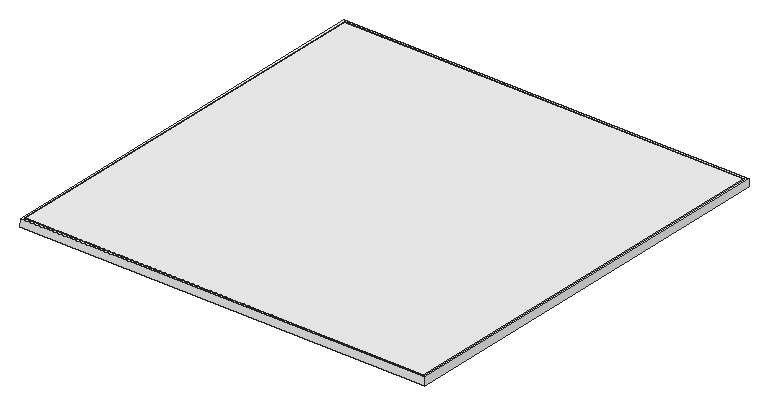
Revit family "NBS_INTRAMattingSystems_EntMatt_INTRAform-Drainable", category Generic Models, host Face, Revit 2013
Parameters (values of type "INTRAform-Drainable")
  Width [instance] = 1000 mm
  Weight = "18.4kg/m²."
  WarrantyStartDate [instance] = "1900-12-31T23:59:59"
  WarrantyGuarantorParts = "n/a"
  WarrantyGuarantorLabor = "n/a"
  WarrantyDurationUnit = "n/a"
  WarrantyDurationParts = "n/a"
  WarrantyDurationLabor = "n/a"
  WarrantyDescription = "10 Performance Guarantee, subject to correct cleaning and maintenance procedures being carried out"
  Version = "1"
  Uniclass2 = "45-57-11/426"
  TrafficType = "Heavy / Extreme"
  TotalThickness = 0 mm
  TemperatureResistance = "Aluminium resistance: -50°C to +90°C."
  TagNumber [instance] = "n/a"
  SustainabilityPerformance = "Produced in the UK using 100% recycled aluminium and fully recylable inserts"
  SurfaceSpreadOfFlame = "n/a"
  SurfaceInsertOptions = "Rubber, Polyamide fibre, Polypropylene fibre, Brush."
  SpacerMaterial = NBS_Concept
  Size = "n/a"
  Shape = "Rectangular"
  SerialNumber [instance] = "n/a"
  Revision = "n/a"
  ReplacementCost = "n/a"
  Reference = "n/a"
  Radius = "N/A"
  ProductInformation = "www.intramatting.com/product_download.php"
  Pattern = "n/a"
  NominalWidth = 0 mm
  NominalLength = 0 mm
  NominalHeight = 19 mm
  Name = "EntranceMatting_INTRAform-Drainable"
  NBSTypeID = "n/a"
  NBSReference = "45-35-35/420"
  NBSOfficeMasterTag = "n/a"
  NBSNote = "n/a"
  NBSDescription = "Entrance matting"
  NBSCertification = "www.nationalbimlibrary.com/intramatting-systems/intraform-drainable"
  ModuleWidth = "31.5mm"
  ModelReference = "INTRAform Drainable"
  ModelNumber = "n/a"
  MatwellFramingType = NBS_INTRAMattingSystems_EntranceMatting_Frame : 19mm
  MatwellFrameFinish = "Clear Anodized as standard. Anodized finish in any RAL colour available to special order."
  MattingHeight = "16.5mm"
  Material = "n/a"
  ManufacturerURL = "www.intramatting.com"
  ManufacturerName = "INTRAmatting Systems"
  Manufacturer = "info@intramatting.com"
  LinkingJoints = "n/a"
  Length [instance] = 1000 mm
  IntegralAccessories = "Polypropylene ribbed fibre (colour)/ polyamide fibre (colour) / ribbed rubber/ brush – or combination of inserts."
  InstallationDate [instance] = "1900-12-31T23:59:59"
  InsertColourOptions = "Elite polyamide - 608 Black, 607 Anthracite, 606 Grey, 602 Blue, 605 Brown, 609 Purple, 610 Turquoise, 604 Coco, 601 Red. Premier polyamide - 007 Anthracite, 014 Grey. Polypropylene - 443 Anthracite, 451 Grey. Rubber - ribbed, multidirectional. Brush."
  IfcExportType = "FLOORING"
  IfcExportAs = "IfcCoveringType"
  HasNonSkidSurface = yes
  HasAntiStaticSurface = no
  Grade = "n/a"
  FragilityRating = "n/a"
  FlammabilityRating = "n/a"
  FireRating = "n/a"
  Finish = "n/a"
  Features = "n/a"
  ExpectedLife = "10-15 years"
  EnvironmentalProductDeclaration = "100% Recycled aluminium"
  EntranceMattingMaterial = NBS_INTRAMattingSystems_EntranceMatting_INTRAform-Drainable
  EdgeTrimMaterial = NBS_Concept
  DurationUnit = "year"
  Description = "Heavy duty aluminium entrance matting."
  Depth = 19 mm  # constant formula
  Default Elevation = 0 mm
  Construction = "Open Drainable"
  Constituents = "Aluminium matting system with choice of rubber, brush, polyamide or polypropylene inserts."
  Combustible = yes
  Color = "n/a"
  CodePerformance = "n/a"
  Category = "n/a"
  BaseMaterial = "Aluminium"
  BaseColour = "Anodised to any RAL colour"
  BarCode [instance] = "n/a"
  BIMObjectName = "NBS_INTRAMattingSystems_EntranceMatting_INTRAform-Drainable"
  Author = "NBS"
  AssetType = "Fixed"
  AssetIdentifier [instance] = "n/a"
  Arrangement = "Inset internal or external"
  AcousticRating = "n/a"
  AccessibilityPerformance = "n/a"
Types (2, lengths in mm): name | NominalHeight | Manufacturer | HasAntiStaticSurface | Description
  (no name) | 0 | 0 | yes | 0
  INTRAform-Drainable | 19 | "info@intramatting.com" | no | "Heavy duty aluminium entrance matting."
Values of the unnamed type that differ from the named types
  Weight = ""
  WarrantyStartDate = ""
  WarrantyGuarantorParts = ""
  WarrantyGuarantorLabor = ""
  WarrantyDurationUnit = ""
  WarrantyDurationParts = ""
  WarrantyDurationLabor = ""
  WarrantyDescription = ""
  Version = ""
  Uniclass2 = ""
  TrafficType = ""
  TemperatureResistance = ""
  TagNumber = ""
  SustainabilityPerformance = ""
  SurfaceSpreadOfFlame = ""
  SurfaceInsertOptions = ""
  Size = ""
  Shape = ""
  SerialNumber = ""
  Revision = ""
  ReplacementCost = ""
  Reference = ""
  Radius = ""
  ProductInformation = ""
  Pattern = ""
  Name = ""
  NBSTypeID = ""
  NBSReference = ""
  NBSOfficeMasterTag = ""
  NBSNote = ""
  NBSDescription = ""
  NBSCertification = ""
  ModuleWidth = ""
  ModelReference = ""
  ModelNumber = ""
  MatwellFrameFinish = ""
  MattingHeight = ""
  Material = ""
  ManufacturerURL = ""
  ManufacturerName = ""
  LinkingJoints = ""
  IntegralAccessories = ""
  InstallationDate = ""
  InsertColourOptions = ""
  IfcExportType = ""
  IfcExportAs = ""
  Grade = ""
  FragilityRating = ""
  FlammabilityRating = ""
  FireRating = ""
  Finish = ""
  Features = ""
  ExpectedLife = ""
  EnvironmentalProductDeclaration = ""
  DurationUnit = ""
  Construction = ""
  Constituents = ""
  Color = ""
  CodePerformance = ""
  Category = ""
  BaseMaterial = ""
  BaseColour = ""
  BarCode = ""
  BIMObjectName = ""
  Author = ""
  AssetType = ""
  AssetIdentifier = ""
  Arrangement = ""
  AcousticRating = ""
  AccessibilityPerformance = ""
Reference planes
  plane 1 "Center (Front/Back)": y = 0
  plane 2: z = 0
  plane 3 "Center (Left/Right)": x = 0
  plane 4: x = -500
  plane 5: x = 500
  plane 6: y = 500
  plane 7: y = -500
  plane 8: z = -19
  plane 9: x = -494
  plane 10: x = 494
  plane 11: y = -494
  plane 12: y = 494
  plane 13: z = -16.5
  plane 14: z = 1
Forms (mm)
  Extrusion 1, void
    sketch origin (0, 0, 0) x (1, 0, 0) y (0, 1, 0)
      loop
        line (-500, 500) -> (-500, -500) -> (500, -500) -> (500, 500) -> (-500, 500)
    from -19 to 0
  Extrusion 2, solid, material "NBS_INTRAMattingSystems_EntranceMatting_INTRAform-Drainable" <- "EntranceMattingMaterial"
    sketch origin (0, 0, 0) x (1, 0, 0) y (0, 1, 0)
      loop
        line (-494, 494) -> (-494, -494) -> (494, -494) -> (494, 494) -> (-494, 494)
    from -16.5 to 1
Dimensions and locks
  equal spacing: plane 6, plane 1 "Center (Front/Back)", plane 7
  equal spacing: plane 4, plane 3 "Center (Left/Right)", plane 5
  "Length": plane 4 to plane 5
  "Width": plane 6 to plane 7
  "Depth": plane 2 to plane 8
  locked: plane 11 to plane 7 at 6
  locked: plane 6 to plane 12 at 6
  locked: plane 4 to plane 9 at 6
  locked: plane 10 to plane 5 at 6
  locked: plane 13 to plane 8 at 2.5
  locked: plane 14 to plane 2 at 1
  aligned and locked: plane 2 to host face
  aligned and locked: level to host face
  aligned and locked: Extrusion 1 sketch curve to plane 6
  aligned and locked: plane 4 to Extrusion 1 sketch curve
  aligned and locked: plane 7 to Extrusion 1 sketch curve
  aligned and locked: Extrusion 1 sketch curve to plane 5
  aligned and locked: plane 2 to Extrusion 1
  aligned and locked: Extrusion 1 to plane 8
  aligned and locked: plane 3 "Center (Left/Right)" to nested 1
  aligned and locked: plane 1 "Center (Front/Back)" to nested 1
  aligned and locked: nested 1 to plane 8
  aligned and locked: Extrusion 2 sketch curve to plane 12
  aligned and locked: plane 9 to Extrusion 2 sketch curve
  aligned and locked: plane 11 to Extrusion 2 sketch curve
  aligned and locked: Extrusion 2 sketch curve to plane 10
  aligned and locked: Extrusion 2 to plane 13
  aligned and locked: plane 14 to Extrusion 2
Automatic sketch dimensions
  host sketch curve to host sketch curve = 2438.4 mm  (x2)
Nested families
  nested 1: "NBS_INTRAMattingSystems_EntranceMatting_Frame" at (0, 0, 0), type <- "MatwellFramingType", Width <- "Width", Length <- "Length", SpacerMaterial <- "SpacerMaterial", EdgeTrimMaterial <- "EdgeTrimMaterial", type "19mm"
    with Width 1000 mm, SpacerMaterial NBS_Concept, Length 1000 mm, EdgeTrimMaterial NBS_Concept
Definition of nested family "NBS_INTRAMattingSystems_EntranceMatting_Frame"
  Parameters (values of type "14mm")
    Width [instance] = 1000 mm
    SpacerMaterial [instance] = NBS_Concept
    Length [instance] = 1000 mm
    EdgeTrimMaterial [instance] = NBS_Concept
    Depth = 14 mm
  Types (3, lengths in mm): name | Depth
    (no name) | 14
    14mm | 14
    19mm | 19
  Reference planes
    plane 1 "Center (Front/Back)": y = 0
    plane 2: z = 0
    plane 3 "Center (Left/Right)": x = 0
    plane 4: y = 500
    plane 5: x = -500
    plane 6: x = 500
    plane 7: y = -500
    plane 8: x = -494
    plane 9: x = 494
    plane 10: y = -494
    plane 11: y = 494
    plane 12: y = 475
    plane 13: y = -475
    plane 14: x = -475
    plane 15: x = 475
    plane 16: z = -11.5
    plane 17: z = -14
  Forms (mm)
    Sweep 1, solid, material "NBS_Concept" <- "EdgeTrimMaterial"
      path origin (0, 0, 0) x (1, 0, 0) y (0, 1, 0)
        loop
          line (-500, -500) -> (500, -500) -> (500, 500) -> (-500, 500) -> (-500, -500)
      profile origin (0, -500, 0) x (0, 1, 0) y (0, 0, 1)
        loop
          line (6, 0) -> (0, 0) -> (0, -14) -> (25, -14) -> (25, -11.5) -> (6, -11.5) -> (6, 0)
    Extrusion 2, solid, material "NBS_Concept" <- "SpacerMaterial"
      sketch origin (0, 0, 0) x (1, 0, 0) y (0, 1, 0)
        loop
          line (-475, 475) -> (-475, -475) -> (475, -475) -> (475, 475) -> (-475, 475)
      from -14 to -11.5
  Dimensions and locks
    equal spacing: plane 5, plane 3 "Center (Left/Right)", plane 6
    equal spacing: plane 4, plane 1 "Center (Front/Back)", plane 7
    plane 12 to plane 11 to plane 4 = 19 mm locked, 6 mm locked
    plane 13 to plane 10 to plane 7 = 19 mm locked, 6 mm locked
    plane 15 to plane 9 to plane 6 = 19 mm locked, 6 mm locked
    plane 5 to plane 8 to plane 14 = 6 mm locked, 19 mm locked
    "Length": plane 5 to plane 6
    "Width": plane 4 to plane 7
    locked: plane 16 to plane 17 at 2.5
    "Depth": plane 2 to plane 17
    aligned and locked: level to plane 2
    aligned and locked: plane 4 to Sweep 1 sketch curve
    aligned and locked: Sweep 1 sketch curve to plane 5
    aligned and locked: plane 6 to Sweep 1 sketch curve
    aligned and locked: Sweep 1 sketch curve to plane 7
    aligned and locked: profile plane to Sweep 1 sketch curve  (x2)
    aligned and locked: Sweep 1 sketch curve to plane 10
    aligned and locked: Sweep 1 sketch curve to plane 13
    aligned and locked: plane 16 to Sweep 1 sketch curve
    aligned and locked: Sweep 1 sketch curve to plane 17
    aligned and locked: plane 12 to Extrusion 2 sketch curve
    aligned and locked: Extrusion 2 sketch curve to plane 15
    aligned and locked: Extrusion 2 sketch curve to plane 13
    aligned and locked: plane 14 to Extrusion 2 sketch curve
    aligned and locked: plane 16 to Extrusion 2
    aligned and locked: Extrusion 2 to plane 17
